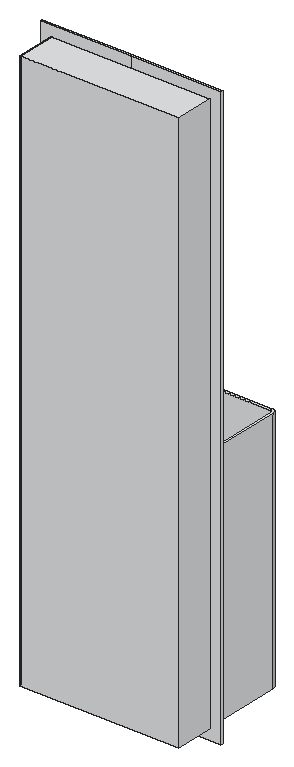
Revit family "2 In 1 Recessed Panel With Waste Bin_IN", category Generic Models, host Wall, Revit 2017
Family settings
  Host = Wall
  Can host rebar = No
  Round Connector Dimension = Use Diameter
  Part Type = Normal
  Always vertical = Yes
  Cut with Voids When Loaded = No
  Shared = No
  Room Calculation Point = No
Parameters (values of type "Type 1")
  Website = "https://dolphy.in/"  # constant formula
  Contact number = "+91 9520202035"  # constant formula
  Contact email = "info@dolphy.in"  # constant formula
  Company name = "Dolphy India"  # constant formula
Reference planes
  plane 1 "Wall": y = 0
  plane 2 "Center (Left/Right)": x = 125
  plane 3 "Back": y = 75
Forms (mm)
  Extrusion 1, void
    sketch origin (0, 0, 0) x (1, 0, 0) y (0, 0, 1)
      loop
        line (318.5, 1399) -> (-68.5, 1399) -> (-68.5, 25) -> (318.5, 25) -> (318.5, 1399)
    from -75 to 20
Text (mm)
  text "Placement Side" at (-1848.837, 1116.779, 0), in view "Ref. Level"
  text "Placement side" at (0, 1409.804, 2854.306), in view "Left"
  text "Placement side" at (0, 499.811, 2980.732), in view "Right"
Dimensions and locks
  locked: plane 3 "Back" to host wall
  aligned and locked: plane 1 "Wall" to host wall
  aligned and locked: nested 1 to plane 2 "Center (Left/Right)"
  aligned and locked: nested 1 to plane 3 "Back"
  aligned and locked: host wall to Extrusion 1
  aligned and locked: Extrusion 1 to nested 1  (x5)
Nested families
  nested 1: "2 In 1 Recessed Panel With Waste Bin_IN" at (125, 75, 0) x (-1, 0, 0) z (0, 0, 1), type "2 In 1 Recessed Panel With Waste Bin_IN"
Definition of nested family "2 In 1 Recessed Panel With Waste Bin_IN"
  Parameters (values of type "2 In 1 Recessed Panel With Waste Bin_IN")
    Website = "https://dolphy.in/"  # constant formula
    M&L = none
    Contact number = "+91 9520202035"  # constant formula
    Contact email = "info@dolphy.in"  # constant formula
    Company name = "Dolphy India"  # constant formula
  Reference planes
    plane 1 "Center (Front/Back)": y = 0
    plane 2: z = 0
    plane 3 "Center (Left/Right)": x = 0
  Forms (mm)
    Extrusion 1, solid, material <- "M&L"
      sketch origin (0, 0, 0) x (1, 0, 0) y (0, 1, 0)
        loop
          line (0, 0) -> (-220, 0) -> (-220, -5) -> (0, -5) -> (220, -5) -> (220, 0) -> (0, 0)
      from 0 to 1424
    Extrusion 2, void
      sketch origin (-219, -110.8, 0) x (1, 0, 0) y (0, 0, 1)
        loop
          line (25.5, 1399) -> (25.5, 25) -> (412.5, 25) -> (412.5, 1399) -> (25.5, 1399)
      from -128.283 to -85.8
    Extrusion 3, solid, material <- "M&L"
      sketch origin (0, 0, 0) x (-1, 0, 0) y (0, 0, 1)
        loop
          line (-193.5, 1399) -> (-193.5, 25) -> (193.5, 25) -> (193.5, 1399) -> (-193.5, 1399)
        loop
          line (-192.7, 1398.2) -> (-192.7, 25.8) -> (192.7, 25.8) -> (192.7, 1398.2) -> (-192.7, 1398.2)
      from 0 to 95
    Sweep 4, solid, material <- "M&L"
      path in 3D
        loop
          line (-191.744, -5, 1399) -> (0, -5, 1399) -> (192.081, -5, 1399)
      profile origin (-95.872, -5, 1399) x (0, -1, 0) y (0, 0, -1)
        loop
          line (0, 0.369) -> (0, 460) -> (-92.864, 493.8) -> (-54.668, 660.12) -> (-85.325, 735.998) -> (-85.325, 780.998) -> (-90.325, 780.998) -> (-90.325, 735.026) -> (-59.931, 659.798) -> (-98.781, 490.632) -> (-5, 456.499) -> (-5, 0.369) -> (0, 0.369)
    Sweep 5, solid, material <- "M&L"
      path in 3D
        loop
          line (0, -210, 625) -> (0, -210, 25)
      profile origin (0, -210, 325) x (1, 0, 0) y (0, 1, 0)
        loop
          arc (-170, 290.325) -> (-184.142, 284.467) -> (-190, 270.325) r 20
          line (-190, 270.325) -> (-190, 15)
          arc (-190, 15) -> (-185.607, 4.393) -> (-175, 0) r 15
          line (-175, 0) -> (175, 0)
          arc (175, 0) -> (185.607, 4.393) -> (190, 15) r 15
          line (190, 15) -> (190, 270.325)
          arc (190, 270.325) -> (184.142, 284.467) -> (170, 290.325) r 20
          line (170, 290.325) -> (-170, 290.325)
    Extrusion 6, void
      sketch origin (0, -210, 625) x (1, 0, 0) y (0, -1, 0)
        loop
          line (-185, -15) -> (-185, -270.325)
          arc (-185, -270.325) -> (-180.607, -280.932) -> (-170, -285.325) r 15
          line (-170, -285.325) -> (170, -285.325)
          arc (170, -285.325) -> (180.607, -280.932) -> (185, -270.325) r 15
          line (185, -270.325) -> (185, -15)
          arc (185, -15) -> (182.071, -7.929) -> (175, -5) r 10
          line (175, -5) -> (-175, -5)
          arc (-175, -5) -> (-182.071, -7.929) -> (-185, -15) r 10
      from 0 to 600
    Extrusion 7, void
      sketch origin (-191.744, 87.864, 905.2) x (-1, 0, 0) y (0, -0.939693, 0.34202)
        loop
          arc (-72.894, 42.5) -> (-62.894, 52.5) -> (-72.894, 62.5) r 10
          line (-72.894, 62.5) -> (-122.894, 62.5)
          spline (-122.894, 62.5) -> (-132.505, 64.214) -> (-140.613, 66.058) -> (-147.438, 67.98) -> (-153.198, 69.927) -> (-158.111, 71.847) -> (-162.396, 73.687) -> (-166.281, 75.392) -> (-170.104, 76.871) -> (-174.273, 78.013) -> (-179.199, 78.705) -> (-185.291, 78.835) -> (-192.959, 78.29)
          spline (-192.959, 78.29) -> (-200.627, 78.835) -> (-206.718, 78.705) -> (-211.644, 78.013) -> (-215.814, 76.871) -> (-219.636, 75.392) -> (-223.521, 73.687) -> (-227.806, 71.847) -> (-232.72, 69.927) -> (-238.479, 67.98) -> (-245.305, 66.058) -> (-253.413, 64.214) -> (-263.023, 62.5)
          line (-263.023, 62.5) -> (-313.023, 62.5)
          arc (-313.023, 62.5) -> (-323.023, 52.5) -> (-313.023, 42.5) r 10
          line (-313.023, 42.5) -> (-263.023, 42.5)
          spline (-263.023, 42.5) -> (-253.413, 40.786) -> (-245.305, 38.942) -> (-238.479, 37.02) -> (-232.72, 35.073) -> (-227.806, 33.153) -> (-223.521, 31.313) -> (-219.636, 29.608) -> (-215.814, 28.129) -> (-211.644, 26.987) -> (-206.718, 26.295) -> (-200.627, 26.165) -> (-192.959, 26.71)
          spline (-192.959, 26.71) -> (-185.291, 26.165) -> (-179.199, 26.295) -> (-174.273, 26.987) -> (-170.104, 28.129) -> (-166.281, 29.608) -> (-162.396, 31.313) -> (-158.111, 33.153) -> (-153.198, 35.073) -> (-147.438, 37.02) -> (-140.613, 38.942) -> (-132.505, 40.786) -> (-122.894, 42.5)
          line (-122.894, 42.5) -> (-72.894, 42.5)
      from 0 to 27.113
    Extrusion 8, solid, material <- "M&L"
      sketch origin (-191.744, 80.325, 618.002) x (1, 0, 0) y (0, 0, 1)
        loop
          circle (192.996, 24.517) r 8
      from 0 to 10
    Extrusion 9, void
      sketch origin (-191.744, 70.325, 618.002) x (-1, 0, 0) y (0, 0, 1)
        loop
          line (-192.996, 30.373) -> (-195.269, 27.017) -> (-199.599, 24.517) -> (-194.637, 21.653) -> (-192.996, 18.81) -> (-191.144, 22.017) -> (-186.814, 24.517) -> (-191.016, 26.943) -> (-192.996, 30.373)
      from 1.993 to -3.707
    Extrusion 10, solid, material <- "M&L"
      sketch origin (-191.744, -5, 939) x (1, 0, 0) y (0, 0, 1)
        loop
          circle (38.773, 207.766) r 10
        loop
          line (32.629, 209.023) -> (32.629, 206.838) -> (45.876, 206.838) -> (45.876, 209.023) -> (32.629, 209.023)
      from 0 to 5
    Extrusion 11, solid, material <- "M&L"
      sketch origin (0, -210, 25) x (0, -1, 0) y (-1, 0, 0)
        loop
          line (-15, 185) -> (-205, 185) -> (-205, -185) -> (-15, -185)
          arc (-15, -185) -> (-7.929, -182.071) -> (-5, -175) r 10
          line (-5, -175) -> (-5, 175)
          arc (-5, 175) -> (-7.929, 182.071) -> (-15, 185) r 10
      from 0 to -0.8
    Extrusion 12, solid, material <- "M&L"
      sketch origin (0, 95, 0) x (-1, 0, 0) y (0, 0, 1)
        loop
          line (-192.7, 1398.2) -> (-192.7, 25.8) -> (192.7, 25.8) -> (192.7, 1398.2) -> (-192.7, 1398.2)
      from 0 to -0.8
  Cuts and joins
    Extrusion 7, Extrusion 9 cuts Sweep 4
    Extrusion 9 cuts Extrusion 8
    Extrusion 2 cuts Extrusion 1
    Extrusion 6 cuts Sweep 5
    joined: Extrusion 1, Extrusion 3, Sweep 5, Extrusion 11, Extrusion 12
  Lines and regions (mm)
    sketch lines
      curve 1: line (-191.744, -5, 1399) -> (0, -5, 1399)
      curve 2: line (0, -5, 1399) -> (192.081, -5, 1399)
      curve 4: line (0, -210, 625) -> (0, -210, 25)
    reference lines
      curve 3: line (0, -210, 625) -> (0, -210, 25)
  Dimensions and locks
    curve 3 to level = 25 mm
    cut or joined group of Extrusion 1, Extrusion 2, Extrusion 3, Sweep 5, Extrusion 6, Extrusion 11, Extrusion 12 to cut or joined group of Extrusion 1, Extrusion 2, Extrusion 3, Sweep 5, Extrusion 6, Extrusion 11, Extrusion 12 = 440 mm
    cut or joined group of Extrusion 1, Extrusion 2, Extrusion 3, Sweep 5, Extrusion 6, Extrusion 11, Extrusion 12 to cut or joined group of Extrusion 1, Extrusion 2, Extrusion 3, Sweep 5, Extrusion 6, Extrusion 11, Extrusion 12 = 5 mm  (x2)
    cut or joined group of Extrusion 1, Extrusion 2, Extrusion 3, Sweep 5, Extrusion 6, Extrusion 11, Extrusion 12 to cut or joined group of Extrusion 1, Extrusion 2, Extrusion 3, Sweep 5, Extrusion 6, Extrusion 11, Extrusion 12 = 387 mm
    cut or joined group of Extrusion 1, Extrusion 2, Extrusion 3, Sweep 5, Extrusion 6, Extrusion 11, Extrusion 12 to cut or joined group of Extrusion 1, Extrusion 2, Extrusion 3, Sweep 5, Extrusion 6, Extrusion 11, Extrusion 12 = 1374 mm
    cut or joined group of Extrusion 1, Extrusion 2, Extrusion 3, Sweep 5, Extrusion 6, Extrusion 11, Extrusion 12 to cut or joined group of Extrusion 1, Extrusion 2, Extrusion 3, Sweep 5, Extrusion 6, Extrusion 11, Extrusion 12 = 1424 mm
    Sweep 4 sketch curve to Sweep 4 sketch curve = 459.631 mm
    cut or joined group of Sweep 4, Extrusion 7, Extrusion 9 to cut or joined group of Sweep 4, Extrusion 7, Extrusion 9 = 459.631 mm
    cut or joined group of Extrusion 1, Extrusion 2, Extrusion 3, Sweep 5, Extrusion 6, Extrusion 11, Extrusion 12 to cut or joined group of Extrusion 1, Extrusion 2, Extrusion 3, Sweep 5, Extrusion 6, Extrusion 11, Extrusion 12 = 100 mm
    curve 3 to cut or joined group of Extrusion 1, Extrusion 2, Extrusion 3, Sweep 5, Extrusion 6, Extrusion 11, Extrusion 12 = 305 mm
    curve 3 to cut or joined group of Extrusion 1, Extrusion 2, Extrusion 3, Sweep 5, Extrusion 6, Extrusion 11, Extrusion 12 = 205 mm
    radius of Sweep 5 sketch curve = 15 mm
    aligned and locked: level to plane 2
